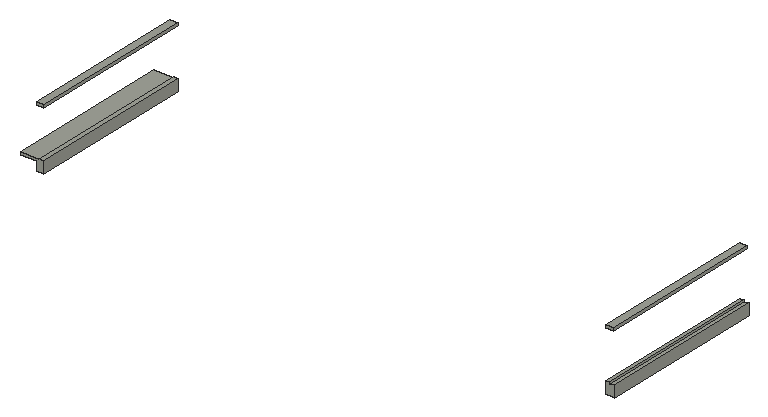
Revit family "CT_Bloco_B_Perfil", category Structural Framing, Revit 2025
Family settings
  Display in Hidden Views = Edges Hidden by Other Members
  Structural Framing Length Roundoff = 0.000 m
  Section Shape = Not Defined
  Material for Model Behavior = Concrete
  Always export as geometry = No
  Work Plane-Based = No
  Always vertical = Yes
  Cut with Voids When Loaded = Yes
  Symbolic Representation = From Family
  Shared = No
  Show family pre-cut in plan views = Yes
Parameters
  Structural Material [instance] = CT_Concreto
  Material_Viga_Janela [instance] = CT_Concreto
  Comprimento [instance] = 7.500 m
Reference planes (m)
  plane 1 "Centro (Frente/Trás)": y = 0
  plane 2: z = 0
  plane 3 "Centro (Esquerda/Direita)": x = 0
  plane 4: x = -15.9999
  plane 5: x = 9.1749
  plane 6: x = -5.2749
  plane 7: x = -2.2249
  plane 8: z = 4.76
  plane 9: z = 9.16
Forms (m)
  Extrusion 1, solid, material "CT_Concreto" <- "Structural Material"
    sketch origin (0, 0, 0.06) x (1, 0, 0) y (0, 0, 1)
      loop
        line (-15.9999, 4.7) -> (-16.1999, 4.7) -> (-16.1999, 4.65) -> (-17.0749, 4.65) -> (-17.0749, 4.55) -> (-16.3499, 4.55) -> (-16.3499, 4.19) -> (-16.3499, 4.15) -> (-15.9999, 4.15) -> (-15.9999, 4.7)
      loop
        line (9.5749, 4.15) -> (9.5749, 4.65) -> (9.3749, 4.65) -> (9.3749, 4.7) -> (9.1749, 4.7) -> (9.1749, 4.15) -> (9.5749, 4.15)
    from 0 to 7.5
  Extrusion 2, solid, material "CT_Concreto" <- "Material_Viga_Janela"
    sketch origin (0, 0, 0.06) x (1, 0, 0) y (0, 0, 1)
      loop
        line (-15.9999, 6.92) -> (-16.3499, 6.92) -> (-16.3499, 6.82) -> (-15.9999, 6.82) -> (-15.9999, 6.92)
      loop
        line (9.5249, 6.92) -> (9.1749, 6.92) -> (9.1749, 6.82) -> (9.5249, 6.82) -> (9.5249, 6.92)
    from 0 to 7.5
Dimensions and locks (m)
  locked: plane 5 to plane 4 at 25.1748
  locked: plane 8 to level at 4.76
  locked: plane 9 to plane 8 at 4.4
  aligned and locked: level to plane 2
  aligned and locked: Extrusion 2 to Extrusion 1  (x3)
  aligned and locked: Extrusion 1 to Extrusion 2
